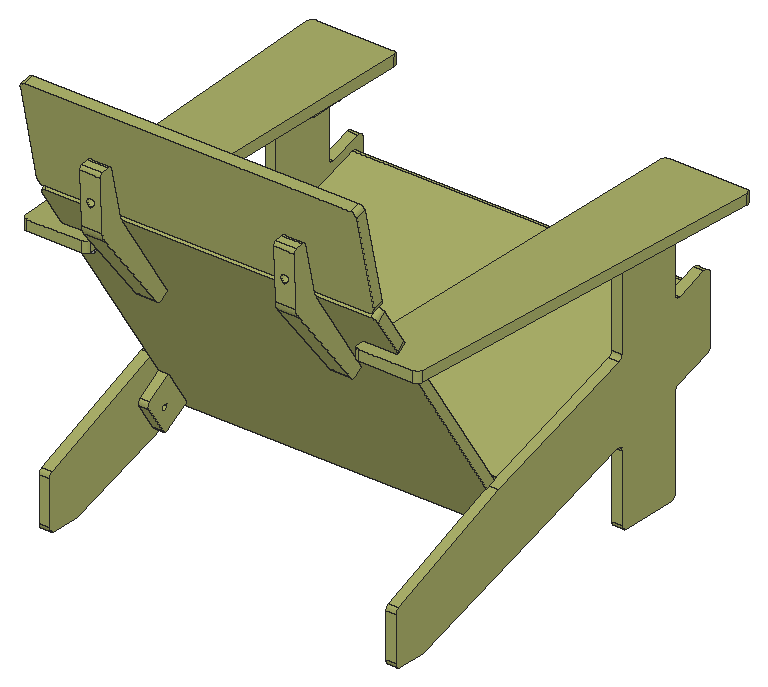
Revit family "Lollygagger Kids Lounge", category Furniture, Revit 2016
Family settings
  OmniClass Number = 23.40.20.00
  OmniClass Title = General Furniture and Specialties
  Work Plane-Based = No
  Always vertical = Yes
  Cut with Voids When Loaded = No
  Shared = No
  Room Calculation Point = No
Parameters (values of type "Loll-Leaf")
  Width = 18 29/32"  # constant formula
  URL = "https://lolldesigns.com/"
  Type Image = kids_lollygagger_lounge_green.jpg
  Thick = 1/2"  # constant formula
  Model = ""
  Manufacturer = "Loll"  # constant formula
  Length = 17 1/4"  # constant formula
  Height Arm = 13 1/8"  # constant formula
  Finish Material = Loll-Leaf
Reference planes (in)
  plane 1 "Center Front/Back": y = 0
  plane 2: z = 0
  plane 3 "Center Left/Right": x = 0
  plane 4: x = 8.625
  plane 5: x = -8.625
  plane 6: y = 14.74047
  plane 7: x = 8.125
  plane 8: x = -8.125
  plane 9: z = 13.125
  plane 10: z = 12.625
  plane 11: y = -4.16578
Forms (in)
  Extrusion 1, solid, material "Loll-Leaf" <- "Finish Material"
    sketch origin (-8.32287, 1.94183, 12.5) x (0, 1, 0) y (1, 0, 0)
      loop
        arc (-5.73316, 1.88537) -> (-5.90993, 1.81215) -> (-5.98316, 1.63537) r 0.25
        line (-5.98316, 1.63537) -> (-5.98316, -1.00512)
        arc (-5.98316, -1.00512) -> (-5.91491, -1.17678) -> (-5.74742, -1.25472) r 0.25
        line (-5.74742, -1.25472) -> (12.53678, -2.29953)
        arc (12.53678, -2.29953) -> (12.7227, -2.23168) -> (12.80104, -2.04993) r 0.25
        line (12.80104, -2.04993) -> (12.80104, 1.63537)
        arc (12.80104, 1.63537) -> (12.72782, 1.81215) -> (12.55104, 1.88537) r 0.25
        line (12.55104, 1.88537) -> (-5.73316, 1.88537)
    from -0.125 to -0.625
  Extrusion 2, solid, material "Loll-Leaf" <- "Finish Material"
    sketch origin (0, -1.82688, 11.59182) x (-1, 0, 0) y (0, -0.544639, 0.838671)
      loop
        arc (-7.875, 4.68359) -> (-8.05178, 4.61037) -> (-8.125, 4.43359) r 0.25
        line (-8.125, 4.43359) -> (-8.125, 2.30948)
        arc (-8.125, 2.30948) -> (-8.08839, 2.2211) -> (-8, 2.18448) r 0.125
        line (-8, 2.18448) -> (-6.6875, 2.18448)
        arc (-6.6875, 2.18448) -> (-6.51072, 2.11126) -> (-6.4375, 1.93448) r 0.25
        line (-6.4375, 1.93448) -> (-6.4375, 1.79645)
        arc (-6.4375, 1.79645) -> (-6.51072, 1.61968) -> (-6.6875, 1.54645) r 0.25
        line (-6.6875, 1.54645) -> (-8, 1.54645)
        arc (-8, 1.54645) -> (-8.08839, 1.50984) -> (-8.125, 1.42145) r 0.125
        line (-8.125, 1.42145) -> (-8.125, -7.81579) -> (-8.375, -7.81579)
        arc (-8.375, -7.81579) -> (-8.46339, -7.8524) -> (-8.5, -7.94079) r 0.125
        line (-8.5, -7.94079) -> (-8.5, -10.69079)
        arc (-8.5, -10.69079) -> (-8.46339, -10.77918) -> (-8.375, -10.81579) r 0.125
        line (-8.375, -10.81579) -> (8.375, -10.81579)
        arc (8.375, -10.81579) -> (8.46339, -10.77918) -> (8.5, -10.69079) r 0.125
        line (8.5, -10.69079) -> (8.5, -7.94079)
        arc (8.5, -7.94079) -> (8.46339, -7.8524) -> (8.375, -7.81579) r 0.125
        line (8.375, -7.81579) -> (8.125, -7.81579) -> (8.125, 1.42145)
        arc (8.125, 1.42145) -> (8.08839, 1.50984) -> (8, 1.54645) r 0.125
        line (8, 1.54645) -> (6.6875, 1.54645)
        arc (6.6875, 1.54645) -> (6.51072, 1.61968) -> (6.4375, 1.79645) r 0.25
        line (6.4375, 1.79645) -> (6.4375, 1.93448)
        arc (6.4375, 1.93448) -> (6.51072, 2.11126) -> (6.6875, 2.18448) r 0.25
        line (6.6875, 2.18448) -> (8, 2.18448)
        arc (8, 2.18448) -> (8.08839, 2.2211) -> (8.125, 2.30948) r 0.125
        line (8.125, 2.30948) -> (8.125, 4.43359)
        arc (8.125, 4.43359) -> (8.05178, 4.61037) -> (7.875, 4.68359) r 0.25
        line (7.875, 4.68359) -> (-7.875, 4.68359)
    from 0 to -0.5
  Extrusion 3, solid, material "Loll-Leaf" <- "Finish Material", not visible
    sketch origin (-23.34194, 1.92668, 22.22123) x (0, 1, 0) y (1, 0, 0)
      loop
        arc (-5.73316, 1.88537) -> (-5.90993, 1.81215) -> (-5.98316, 1.63537) r 0.25
        line (-5.98316, 1.63537) -> (-5.98316, -1.00512)
        arc (-5.98316, -1.00512) -> (-5.91491, -1.17678) -> (-5.74742, -1.25472) r 0.25
        line (-5.74742, -1.25472) -> (12.53678, -2.29953)
        arc (12.53678, -2.29953) -> (12.7227, -2.23168) -> (12.80104, -2.04993) r 0.25
        line (12.80104, -2.04993) -> (12.80104, 1.63537)
        arc (12.80104, 1.63537) -> (12.72782, 1.81215) -> (12.55104, 1.88537) r 0.25
        line (12.55104, 1.88537) -> (-5.73316, 1.88537)
    from -0.125 to -0.625
  Extrusion 4, solid, material "Loll-Leaf" <- "Finish Material"
    sketch origin (8.32287, -1.93943, 12.5) x (0, -1, 0) y (-1, 0, 0)
      loop
        line (1.85429, 1.88537) -> (-16.42991, 1.88537)
        arc (-16.42991, 1.88537) -> (-16.60669, 1.81215) -> (-16.67991, 1.63537) r 0.25
        line (-16.67991, 1.63537) -> (-16.67991, -2.04993)
        arc (-16.67991, -2.04993) -> (-16.60157, -2.23168) -> (-16.41565, -2.29953) r 0.25
        line (-16.41565, -2.29953) -> (1.86855, -1.25472)
        arc (1.86855, -1.25472) -> (2.03604, -1.17678) -> (2.10429, -1.00512) r 0.25
        line (2.10429, -1.00512) -> (2.10429, 1.63537)
        arc (2.10429, 1.63537) -> (2.03106, 1.81215) -> (1.85429, 1.88537) r 0.25
    from -0.125 to -0.625
  Extrusion 5, solid, material "Loll-Leaf" <- "Finish Material"
    sketch origin (0, 8.27038, 6.04854) x (0, 0.951057, 0.309017) y (1, 0, 0)
      loop
        line (-5.49076, 8.125) -> (-5.49076, -8.125) -> (6.46868, -8.125) -> (6.46868, 8.125) -> (-5.49076, 8.125)
    from -0.125 to -0.625
  Extrusion 6, solid, material "Loll-Leaf" <- "Finish Material", not visible
    sketch origin (8, -3.48106, 9.27315) x (0, -1, 0) y (0, 0, 1)
      loop
        line (-12.94653, -1.60932) -> (-12.94653, 3.22685) -> (-16.12153, 3.22685) -> (-16.12153, -0.41524)
        arc (-16.12153, -0.41524) -> (-16.22459, -0.61749) -> (-16.44879, -0.653) r 0.25
        line (-16.44879, -0.653) -> (-17.89428, -0.18333)
        arc (-17.89428, -0.18333) -> (-18.11848, -0.21884) -> (-18.22153, -0.4211) r 0.25
        line (-18.22153, -0.4211) -> (-18.22153, -3.58496)
        arc (-18.22153, -3.58496) -> (-18.17333, -3.73253) -> (-18.04731, -3.8232) r 0.25
        line (-18.04731, -3.8232) -> (-16.29575, -4.38035)
        arc (-16.29575, -4.38035) -> (-16.16973, -4.47101) -> (-16.12153, -4.61858) r 0.25
        line (-16.12153, -4.61858) -> (-16.12153, -9.02315)
        arc (-16.12153, -9.02315) -> (-16.04831, -9.19993) -> (-15.87153, -9.27315) r 0.25
        line (-15.87153, -9.27315) -> (-13.19653, -9.27315)
        arc (-13.19653, -9.27315) -> (-13.01975, -9.19993) -> (-12.94653, -9.02315) r 0.25
        line (-12.94653, -9.02315) -> (-12.94653, -5.78755)
        arc (-12.94653, -5.78755) -> (-12.8441, -5.58575) -> (-12.62075, -5.54931) r 0.25
        line (-12.62075, -5.54931) -> (-0.91371, -9.27315) -> (0.44996, -9.27315)
        arc (0.44996, -9.27315) -> (0.62673, -9.19993) -> (0.69996, -9.02315) r 0.25
        line (0.69996, -9.02315) -> (0.69996, -6.88355)
        arc (0.69996, -6.88355) -> (0.65721, -6.74375) -> (0.54361, -6.65175) r 0.25
        line (0.54361, -6.65175) -> (-5.49368, -4.21253) -> (-12.77379, -1.84708)
        arc (-12.77379, -1.84708) -> (-12.89879, -1.75626) -> (-12.94653, -1.60932) r 0.25
    from -0.125 to -0.625
  Extrusion 7, solid, material "Loll-Leaf" <- "Finish Material"
    sketch origin (8, -3.48106, 9.27315) x (0, -1, 0) y (0, 0, 1)
      loop
        line (-12.94653, -1.60932) -> (-12.94653, 3.22685) -> (-16.12153, 3.22685) -> (-16.12153, -0.41524)
        arc (-16.12153, -0.41524) -> (-16.22459, -0.61749) -> (-16.44879, -0.653) r 0.25
        line (-16.44879, -0.653) -> (-17.89428, -0.18333)
        arc (-17.89428, -0.18333) -> (-18.11848, -0.21884) -> (-18.22153, -0.4211) r 0.25
        line (-18.22153, -0.4211) -> (-18.22153, -3.58496)
        arc (-18.22153, -3.58496) -> (-18.17333, -3.73253) -> (-18.04731, -3.8232) r 0.25
        line (-18.04731, -3.8232) -> (-16.29575, -4.38035)
        arc (-16.29575, -4.38035) -> (-16.16973, -4.47101) -> (-16.12153, -4.61858) r 0.25
        line (-16.12153, -4.61858) -> (-16.12153, -9.02315)
        arc (-16.12153, -9.02315) -> (-16.04831, -9.19993) -> (-15.87153, -9.27315) r 0.25
        line (-15.87153, -9.27315) -> (-13.19653, -9.27315)
        arc (-13.19653, -9.27315) -> (-13.01975, -9.19993) -> (-12.94653, -9.02315) r 0.25
        line (-12.94653, -9.02315) -> (-12.94653, -5.78755)
        arc (-12.94653, -5.78755) -> (-12.8441, -5.58575) -> (-12.62075, -5.54931) r 0.25
        line (-12.62075, -5.54931) -> (-0.91371, -9.27315) -> (0.44996, -9.27315)
        arc (0.44996, -9.27315) -> (0.62673, -9.19993) -> (0.69996, -9.02315) r 0.25
        line (0.69996, -9.02315) -> (0.69996, -6.88355)
        arc (0.69996, -6.88355) -> (0.65721, -6.74375) -> (0.54361, -6.65175) r 0.25
        line (0.54361, -6.65175) -> (-5.49368, -4.21253) -> (-12.77379, -1.84708)
        arc (-12.77379, -1.84708) -> (-12.89879, -1.75626) -> (-12.94653, -1.60932) r 0.25
    from -0.125 to -0.625
  Extrusion 8, solid, material "Loll-Leaf" <- "Finish Material"
    sketch origin (0, -5.35315, 16.94399) x (0, -0.224951, 0.97437) y (-1, 0, 0)
      loop
        line (3.5, -7.875) -> (3.5, 7.875)
        arc (3.5, 7.875) -> (3.42678, 8.05178) -> (3.25, 8.125) r 0.25
        line (3.25, 8.125) -> (-1.25, 8.125)
        arc (-1.25, 8.125) -> (-1.42678, 8.05178) -> (-1.5, 7.875) r 0.25
        line (-1.5, 7.875) -> (-1.5, -7.875)
        arc (-1.5, -7.875) -> (-1.42678, -8.05178) -> (-1.25, -8.125) r 0.25
        line (-1.25, -8.125) -> (3.25, -8.125)
        arc (3.25, -8.125) -> (3.42678, -8.05178) -> (3.5, -7.875) r 0.25
    from -0.125 to -0.625
  Extrusion 9, solid, material "Loll-Leaf" <- "Finish Material"
    sketch origin (0, 12.26547, 6.32534) x (-1, 0, 0) y (0, 0, 1)
      loop
        line (-8.125, -2.24364) -> (8.125, -2.24364) -> (8.125, 1.25636) -> (-8.125, 1.25636) -> (-8.125, -2.24364)
    from 0 to -0.5
  Extrusion 10, solid, material "Loll-Leaf" <- "Finish Material", not visible
    sketch origin (8.125, -8.24936, 3.48934) x (0, -1, 0) y (0, 0, 1)
      loop
        line (-10.60101, 0.75052) -> (-11.69029, -0.92682) -> (-10.58953, -1.64166)
        arc (-10.58953, -1.64166) -> (-10.40139, -1.67653) -> (-10.2437, -1.56815) r 0.25
        line (-10.2437, -1.56815) -> (-9.42675, -0.31015)
        arc (-9.42675, -0.31015) -> (-9.39188, -0.12201) -> (-9.50025, 0.03568) r 0.25
        line (-9.50025, 0.03568) -> (-10.60101, 0.75052)
      loop
        circle (-10.35899, -0.59897) r 0.15467
    from 0 to 0.5
  Extrusion 11, solid, material "Loll-Leaf" <- "Finish Material", not visible
    sketch origin (-18.1875, -12.38505, 24.77911) x (0, 0.224951, -0.97437) y (0, -0.97437, -0.224951)
      loop
        line (-5.4475, 0.33309) -> (-3.03866, 0.33309)
        arc (-3.03866, 0.33309) -> (-2.98008, 0.32797) -> (-2.92327, 0.31275) r 0.33738
        line (-2.92327, 0.31275) -> (1.89181, -1.4398)
        arc (1.89181, -1.4398) -> (1.95632, -1.43698) -> (1.99995, -1.38938) r 0.08437
        line (1.99995, -1.38938) -> (2.12633, -1.04215)
        arc (2.12633, -1.04215) -> (2.12392, -0.91909) -> (2.03942, -0.8296) r 0.1708
        line (2.03942, -0.8296) -> (-2.57622, 1.37397)
        arc (-2.57622, 1.37397) -> (-2.78313, 1.43468) -> (-2.99863, 1.42722) r 0.67669
        line (-2.99863, 1.42722) -> (-5.39721, 0.9544)
        arc (-5.39721, 0.9544) -> (-5.49587, 0.89544) -> (-5.53464, 0.78724) r 0.17038
        line (-5.53464, 0.78724) -> (-5.53464, 0.42024)
        arc (-5.53464, 0.42024) -> (-5.50912, 0.35862) -> (-5.4475, 0.33309) r 0.08714
    from 0 to -1
  Extrusion 12, void, not visible
    sketch origin (-18.00781, -14.15821, 26.69082) x (0, -0.222374, 0.974961) y (-1, 0, 0)
      loop
        circle (1.90087, -0.32064) r 0.19231
    from -1.3884 to 0
  Extrusion 13, solid, material "Loll-Leaf" <- "Finish Material"
    sketch origin (-5.1875, -3.88203, 12.54228) x (0, 0.224951, -0.97437) y (0, -0.97437, -0.224951)
      loop
        line (-5.4475, 0.33309) -> (-3.03866, 0.33309)
        arc (-3.03866, 0.33309) -> (-2.98008, 0.32797) -> (-2.92327, 0.31275) r 0.33738
        line (-2.92327, 0.31275) -> (1.89181, -1.4398)
        arc (1.89181, -1.4398) -> (1.95632, -1.43698) -> (1.99995, -1.38938) r 0.08437
        line (1.99995, -1.38938) -> (2.12633, -1.04215)
        arc (2.12633, -1.04215) -> (2.12392, -0.91909) -> (2.03942, -0.8296) r 0.1708
        line (2.03942, -0.8296) -> (-2.57622, 1.37397)
        arc (-2.57622, 1.37397) -> (-2.78313, 1.43468) -> (-2.99863, 1.42722) r 0.67669
        line (-2.99863, 1.42722) -> (-5.39721, 0.9544)
        arc (-5.39721, 0.9544) -> (-5.49587, 0.89544) -> (-5.53464, 0.78724) r 0.17038
        line (-5.53464, 0.78724) -> (-5.53464, 0.42024)
        arc (-5.53464, 0.42024) -> (-5.50912, 0.35862) -> (-5.4475, 0.33309) r 0.08714
    from 0 to -1
  Extrusion 14, void
    sketch origin (-5.00781, -5.65519, 14.454) x (0, -0.222374, 0.974961) y (-1, 0, 0)
      loop
        circle (1.90087, -0.32064) r 0.19231
    from -1.3884 to 0
  Extrusion 15, solid, material "Loll-Leaf" <- "Finish Material"
    sketch origin (4.1875, -3.88203, 12.54228) x (0, 0.224951, -0.97437) y (0, -0.97437, -0.224951)
      loop
        line (-5.4475, 0.33309) -> (-3.03866, 0.33309)
        arc (-3.03866, 0.33309) -> (-2.98008, 0.32797) -> (-2.92327, 0.31275) r 0.33738
        line (-2.92327, 0.31275) -> (1.89181, -1.4398)
        arc (1.89181, -1.4398) -> (1.95632, -1.43698) -> (1.99995, -1.38938) r 0.08437
        line (1.99995, -1.38938) -> (2.12633, -1.04215)
        arc (2.12633, -1.04215) -> (2.12392, -0.91909) -> (2.03942, -0.8296) r 0.1708
        line (2.03942, -0.8296) -> (-2.57622, 1.37397)
        arc (-2.57622, 1.37397) -> (-2.78313, 1.43468) -> (-2.99863, 1.42722) r 0.67669
        line (-2.99863, 1.42722) -> (-5.39721, 0.9544)
        arc (-5.39721, 0.9544) -> (-5.49587, 0.89544) -> (-5.53464, 0.78724) r 0.17038
        line (-5.53464, 0.78724) -> (-5.53464, 0.42024)
        arc (-5.53464, 0.42024) -> (-5.50912, 0.35862) -> (-5.4475, 0.33309) r 0.08714
    from 0 to -1
  Extrusion 16, void
    sketch origin (4.36719, -5.65519, 14.454) x (0, -0.222374, 0.974961) y (-1, 0, 0)
      loop
        circle (1.90087, -0.32064) r 0.19231
    from -1.3884 to 0
  Extrusion 17, solid, material "Loll-Leaf" <- "Finish Material", not visible
    sketch origin (7.5, -9.78267, 6.14274) x (0, -1, 0) y (0, 0, 1)
      loop
        circle (-20.31677, -0.51975) r 0.15496
      loop
        line (-21.54815, 0.47875) -> (-21.54815, -1.52125) -> (-19.78184, -1.52125)
        arc (-19.78184, -1.52125) -> (-19.62726, -1.47102) -> (-19.53172, -1.33953) r 0.26299
        line (-19.53172, -1.33953) -> (-18.9859, 0.34033) -> (-20.88802, 0.95837) -> (-20.98621, 0.65615)
        arc (-20.98621, 0.65615) -> (-21.07948, 0.52778) -> (-21.23038, 0.47875) r 0.25673
        line (-21.23038, 0.47875) -> (-21.54815, 0.47875)
    from -0.125 to -0.625
  Extrusion 18, solid, material "Loll-Leaf" <- "Finish Material", not visible
    sketch origin (8.125, -9.25555, 3.11596) x (0, -0.994522, 0.104528) y (0, 0.104528, 0.994522)
      loop
        line (-12.98373, 3.0422) -> (-14.81082, 3.85568) -> (-15.34466, 2.65665)
        arc (-15.34466, 2.65665) -> (-15.34967, 2.46537) -> (-15.21796, 2.32658) r 0.25
        line (-15.21796, 2.32658) -> (-13.84764, 1.71647)
        arc (-13.84764, 1.71647) -> (-13.65636, 1.71146) -> (-13.51757, 1.84318) r 0.25
        line (-13.51757, 1.84318) -> (-12.98373, 3.0422)
      loop
        circle (-14.27824, 2.59243) r 0.15469
    from 0 to 0.5
  Extrusion 19, solid, material "Loll-Leaf" <- "Finish Material"
    sketch origin (-8.75, -3.48106, 9.27315) x (0, -1, 0) y (0, 0, 1)
      loop
        line (-12.94653, -1.60932) -> (-12.94653, 3.22685) -> (-16.12153, 3.22685) -> (-16.12153, -0.41524)
        arc (-16.12153, -0.41524) -> (-16.22459, -0.61749) -> (-16.44879, -0.653) r 0.25
        line (-16.44879, -0.653) -> (-17.89428, -0.18333)
        arc (-17.89428, -0.18333) -> (-18.11848, -0.21884) -> (-18.22153, -0.4211) r 0.25
        line (-18.22153, -0.4211) -> (-18.22153, -3.58496)
        arc (-18.22153, -3.58496) -> (-18.17333, -3.73253) -> (-18.04731, -3.8232) r 0.25
        line (-18.04731, -3.8232) -> (-16.29575, -4.38035)
        arc (-16.29575, -4.38035) -> (-16.16973, -4.47101) -> (-16.12153, -4.61858) r 0.25
        line (-16.12153, -4.61858) -> (-16.12153, -9.02315)
        arc (-16.12153, -9.02315) -> (-16.04831, -9.19993) -> (-15.87153, -9.27315) r 0.25
        line (-15.87153, -9.27315) -> (-13.19653, -9.27315)
        arc (-13.19653, -9.27315) -> (-13.01975, -9.19993) -> (-12.94653, -9.02315) r 0.25
        line (-12.94653, -9.02315) -> (-12.94653, -5.78755)
        arc (-12.94653, -5.78755) -> (-12.8441, -5.58575) -> (-12.62075, -5.54931) r 0.25
        line (-12.62075, -5.54931) -> (-0.91371, -9.27315) -> (0.44996, -9.27315)
        arc (0.44996, -9.27315) -> (0.62673, -9.19993) -> (0.69996, -9.02315) r 0.25
        line (0.69996, -9.02315) -> (0.69996, -6.88355)
        arc (0.69996, -6.88355) -> (0.65721, -6.74375) -> (0.54361, -6.65175) r 0.25
        line (0.54361, -6.65175) -> (-5.49368, -4.21253) -> (-12.77379, -1.84708)
        arc (-12.77379, -1.84708) -> (-12.89879, -1.75626) -> (-12.94653, -1.60932) r 0.25
    from -0.125 to -0.625
  Extrusion 20, solid, material "Loll-Leaf" <- "Finish Material"
    sketch origin (8.125, -8.24936, 3.48934) x (0, -1, 0) y (0, 0, 1)
      loop
        line (-10.60101, 0.75052) -> (-11.69029, -0.92682) -> (-10.58953, -1.64166)
        arc (-10.58953, -1.64166) -> (-10.40139, -1.67653) -> (-10.2437, -1.56815) r 0.25
        line (-10.2437, -1.56815) -> (-9.42675, -0.31015)
        arc (-9.42675, -0.31015) -> (-9.39188, -0.12201) -> (-9.50025, 0.03568) r 0.25
        line (-9.50025, 0.03568) -> (-10.60101, 0.75052)
      loop
        circle (-10.35899, -0.59897) r 0.15467
    from 0 to 0.5
  Extrusion 21, solid, material "Loll-Leaf" <- "Finish Material"
    sketch origin (7.5, -9.78267, 6.14274) x (0, -1, 0) y (0, 0, 1)
      loop
        circle (-20.31677, -0.51975) r 0.15496
      loop
        line (-21.54815, 0.47875) -> (-21.54815, -1.52125) -> (-19.78184, -1.52125)
        arc (-19.78184, -1.52125) -> (-19.62726, -1.47102) -> (-19.53172, -1.33953) r 0.26299
        line (-19.53172, -1.33953) -> (-18.9859, 0.34033) -> (-20.88802, 0.95837) -> (-20.98621, 0.65615)
        arc (-20.98621, 0.65615) -> (-21.07948, 0.52778) -> (-21.23038, 0.47875) r 0.25673
        line (-21.23038, 0.47875) -> (-21.54815, 0.47875)
    from -0.125 to -0.625
  Extrusion 22, solid, material "Loll-Leaf" <- "Finish Material"
    sketch origin (8.125, -9.25555, 3.11596) x (0, -0.994522, 0.104528) y (0, 0.104528, 0.994522)
      loop
        line (-12.98373, 3.0422) -> (-14.81082, 3.85568) -> (-15.34466, 2.65665)
        arc (-15.34466, 2.65665) -> (-15.34967, 2.46537) -> (-15.21796, 2.32658) r 0.25
        line (-15.21796, 2.32658) -> (-13.84764, 1.71647)
        arc (-13.84764, 1.71647) -> (-13.65636, 1.71146) -> (-13.51757, 1.84318) r 0.25
        line (-13.51757, 1.84318) -> (-12.98373, 3.0422)
      loop
        circle (-14.27824, 2.59243) r 0.15469
    from 0 to 0.5
  Extrusion 23, void
    sketch origin (8.125, -3.48106, 9.27315) x (0, -1, 0) y (0, 0, 1)
      loop
        line (-17.86489, -1.1068) -> (-17.6745, -1.16865)
        arc (-17.6745, -1.16865) -> (-17.79101, -1.06915) -> (-17.80303, -0.91641) r 0.20018
        line (-17.80303, -0.91641) -> (-17.86489, -1.1068)
      loop
        arc (-17.77247, -0.82238) -> (-17.67259, -0.70543) -> (-17.51927, -0.69336) r 0.20094
        line (-17.51927, -0.69336) -> (-17.71038, -0.63127) -> (-17.77247, -0.82238)
    from 0 to 16.25
  Extrusion 24, solid, material "Aluminum"
    sketch origin (0, -2.24622, 11.3195) x (1, 0, 0) y (0, -0.544639, 0.838671)
      loop
        line (6.7875, 1.69132) -> (6.7875, 1.4499)
        arc (6.7875, 1.4499) -> (6.79046, 1.42071) -> (6.79921, 1.3927) r 0.14563
        line (6.79921, 1.3927) -> (6.99901, 0.92494)
        arc (6.99901, 0.92494) -> (7.2875, 0.73447) -> (7.57599, 0.92494) r 0.31371
        line (7.57599, 0.92494) -> (7.77419, 1.38894)
        arc (7.77419, 1.38894) -> (7.78414, 1.42079) -> (7.7875, 1.45399) r 0.16558
        line (7.7875, 1.45399) -> (7.7875, 1.69132) -> (6.7875, 1.69132)
      loop
        circle (7.2875, 1.04817) r 0.14546
    from 0 to 0.125
  Extrusion 25, solid, material "Loll-Leaf" <- "Finish Material"
    sketch origin (-8.125, 8.24936, 3.48934) x (0, 1, 0) y (0, 0, 1)
      loop
        line (-5.89771, 0.75052) -> (-6.99846, 0.03568)
        arc (-6.99846, 0.03568) -> (-7.10684, -0.12201) -> (-7.07197, -0.31015) r 0.25
        line (-7.07197, -0.31015) -> (-6.25501, -1.56815)
        arc (-6.25501, -1.56815) -> (-6.09732, -1.67653) -> (-5.90918, -1.64166) r 0.25
        line (-5.90918, -1.64166) -> (-4.80843, -0.92682) -> (-5.89771, 0.75052)
      loop
        circle (-6.13972, -0.59897) r 0.15467
    from 0 to 0.5
  Extrusion 26, solid, material "Loll-Leaf" <- "Finish Material"
    sketch origin (-7.5, 9.78267, 6.14274) x (0, 1, 0) y (0, 0, 1)
      loop
        circle (0.75142, -0.51975) r 0.15496
      loop
        line (1.9828, 0.47875) -> (1.66503, 0.47875)
        arc (1.66503, 0.47875) -> (1.51413, 0.52778) -> (1.42086, 0.65615) r 0.25673
        line (1.42086, 0.65615) -> (1.32267, 0.95837) -> (-0.57945, 0.34033) -> (-0.03363, -1.33953)
        arc (-0.03363, -1.33953) -> (0.06191, -1.47102) -> (0.21649, -1.52125) r 0.26299
        line (0.21649, -1.52125) -> (1.9828, -1.52125) -> (1.9828, 0.47875)
    from -0.125 to -0.625
  Extrusion 27, solid, material "Loll-Leaf" <- "Finish Material"
    sketch origin (-8.125, 9.25555, 3.11596) x (0, 0.994522, 0.104528) y (0, -0.104528, 0.994522)
      loop
        line (-5.07718, 2.21119) -> (-4.8043, 0.92737)
        arc (-4.8043, 0.92737) -> (-4.69592, 0.76968) -> (-4.50779, 0.73482) r 0.25
        line (-4.50779, 0.73482) -> (-3.04056, 1.04668)
        arc (-3.04056, 1.04668) -> (-2.88287, 1.15506) -> (-2.848, 1.3432) r 0.25
        line (-2.848, 1.3432) -> (-3.12089, 2.62702) -> (-5.07718, 2.21119)
      loop
        circle (-3.90447, 1.5021) r 0.15469
    from 0 to 0.5
  Extrusion 28, solid, material "Aluminum", not visible
    sketch origin (0, -2.24622, 11.3195) x (1, 0, 0) y (0, -0.544639, 0.838671)
      loop
        line (-21.85, 1.69132) -> (-22.85, 1.69132) -> (-22.85, 1.45399)
        arc (-22.85, 1.45399) -> (-22.84664, 1.42079) -> (-22.83669, 1.38894) r 0.16558
        line (-22.83669, 1.38894) -> (-22.63849, 0.92494)
        arc (-22.63849, 0.92494) -> (-22.35, 0.73447) -> (-22.06151, 0.92494) r 0.31371
        line (-22.06151, 0.92494) -> (-21.86171, 1.3927)
        arc (-21.86171, 1.3927) -> (-21.85296, 1.42071) -> (-21.85, 1.4499) r 0.14563
        line (-21.85, 1.4499) -> (-21.85, 1.69132)
      loop
        circle (-22.35, 1.04817) r 0.14546
    from 0 to 0.125
  Extrusion 29, solid, material "Aluminum"
    sketch origin (0, -2.24622, 11.3195) x (-1, 0, 0) y (0, 0.544639, -0.838671)
      loop
        line (6.7875, -1.69132) -> (7.7875, -1.69132) -> (7.7875, -1.45399)
        arc (7.7875, -1.45399) -> (7.78414, -1.42079) -> (7.77419, -1.38894) r 0.16558
        line (7.77419, -1.38894) -> (7.57599, -0.92494)
        arc (7.57599, -0.92494) -> (7.2875, -0.73447) -> (6.99901, -0.92494) r 0.31371
        line (6.99901, -0.92494) -> (6.79921, -1.3927)
        arc (6.79921, -1.3927) -> (6.79046, -1.42071) -> (6.7875, -1.4499) r 0.14563
        line (6.7875, -1.4499) -> (6.7875, -1.69132)
      loop
        circle (7.2875, -1.04817) r 0.14546
    from 0 to 0.125
  Extrusion 30, solid, material "Loll-Leaf" <- "Finish Material"
    sketch origin (8.32287, -1.93943, 12.625) x (1, 0, 0) y (0, -1, 0)
      loop
        line (-0.19787, -12.00764) -> (-1.13537, -12.00764)
        arc (-1.13537, -12.00764) -> (-1.31215, -12.08087) -> (-1.38537, -12.25764) r 0.25
        line (-1.38537, -12.25764) -> (-1.38537, -13.75764)
        arc (-1.38537, -13.75764) -> (-1.31215, -13.93442) -> (-1.13537, -14.00764) r 0.25
        line (-1.13537, -14.00764) -> (-0.19787, -14.00764) -> (-0.19787, -12.00764)
      loop
        circle (-0.75902, -13.00864) r 0.15431
    from 0 to 0.5
  Extrusion 31, solid, material "Loll-Leaf" <- "Finish Material"
    sketch origin (-8.32287, -1.93943, 12.625) x (1, 0, 0) y (0, -1, 0)
      loop
        line (0.19787, -12.00764) -> (0.19787, -14.00764) -> (1.13537, -14.00764)
        arc (1.13537, -14.00764) -> (1.31215, -13.93442) -> (1.38537, -13.75764) r 0.25
        line (1.38537, -13.75764) -> (1.38537, -12.25764)
        arc (1.38537, -12.25764) -> (1.31215, -12.08087) -> (1.13537, -12.00764) r 0.25
        line (1.13537, -12.00764) -> (0.19787, -12.00764)
      loop
        circle (0.75902, -13.00864) r 0.15431
    from 0 to 0.5
Cuts and joins
  Extrusion 14, Extrusion 16 cuts Extrusion 8
  Extrusion 14, Extrusion 16 cuts Extrusion 13
  Extrusion 16 cuts Extrusion 15
  Extrusion 23 cuts Extrusion 5
Lines and regions (in)
  Masking region 1
    outline origin (0, 0, 0) x (1, 0, 0) y (0, 1, 0)
      loop
        arc (-10.37163, 14.74287) -> (-10.55654, 14.66172) -> (-10.62199, 14.47069) r 0.25123
        line (-10.62199, 14.47069) -> (-9.57749, -3.79276)
        arc (-9.57749, -3.79276) -> (-9.49955, -3.96024) -> (-9.3279, -4.02849) r 0.25
        line (-9.3279, -4.02849) -> (-8.625, -4.02849) -> (-8.625, -4.16578) -> (-8.125, -4.16578) -> (-8.125, -5.96244)
        spline (-8.125, -5.96244) -> (-8.12286, -5.96978) -> (-8.11648, -5.977) -> (-8.10597, -5.98397) -> (-8.09151, -5.99056) -> (-8.07334, -5.99668) -> (-8.05178, -6.00221) -> (-8.02719, -6.00706) -> (-8, -6.01115) -> (-7.97067, -6.0144) -> (-7.9397, -6.01677) -> (-7.90763, -6.0182) -> (-7.875, -6.01868)
        line (-7.875, -6.01868) -> (7.875, -6.01868)
        spline (7.875, -6.01868) -> (7.90763, -6.0182) -> (7.9397, -6.01677) -> (7.97067, -6.0144) -> (8, -6.01115) -> (8.02719, -6.00706) -> (8.05178, -6.00221) -> (8.07334, -5.99668) -> (8.09151, -5.99056) -> (8.10597, -5.98397) -> (8.11648, -5.977) -> (8.12286, -5.96978) -> (8.125, -5.96244)
        line (8.125, -5.96244) -> (8.125, -4.16578) -> (8.625, -4.16578) -> (8.625, -4.02849) -> (9.32887, -4.02849)
        arc (9.32887, -4.02849) -> (9.50052, -3.96024) -> (9.57846, -3.79276) r 0.25
        line (9.57846, -3.79276) -> (10.62327, 14.4762)
        arc (10.62327, 14.4762) -> (10.55543, 14.66213) -> (10.37368, 14.74047) r 0.25
        line (10.37368, 14.74047) -> (6.6875, 14.74047)
        arc (6.6875, 14.74047) -> (6.56818, 14.71016) -> (6.4778, 14.62658) r 0.25
        line (6.4778, 14.62658) -> (-6.47494, 14.62658)
        arc (-6.47494, 14.62658) -> (-6.56636, 14.7119) -> (-6.6875, 14.74287) r 0.2524
        line (-6.6875, 14.74287) -> (-10.37163, 14.74287)
  Masking region 2
    outline origin (0, -0.21698, 0) x (0, 1, 0) y (0, 0, 1)
      loop
        line (-4.18976, 15.62655) -> (-5.31452, 20.4984) -> (-5.8017, 20.38593) -> (-5.21939, 17.86365) -> (-5.65875, 17.76222)
        arc (-5.65875, 17.76222) -> (-5.75769, 17.69868) -> (-5.79375, 17.58676) r 0.1743
        line (-5.79375, 17.58676) -> (-5.73042, 15.14875)
        arc (-5.73042, 15.14875) -> (-5.6874, 14.93194) -> (-5.57975, 14.7389) r 0.70947
        line (-5.57975, 14.7389) -> (-2.28612, 10.60128) -> (-1.78593, 10.94484) -> (2.07571, 4.99844) -> (-3.79407, 2.6269)
        arc (-3.79407, 2.6269) -> (-3.9174, 2.53055) -> (-3.96403, 2.38114) r 0.26265
        line (-3.96403, 2.38114) -> (-3.96403, 0.25)
        arc (-3.96403, 0.25) -> (-3.89081, 0.07322) -> (-3.71403, 0) r 0.25
        line (-3.71403, 0) -> (-2.35037, 0) -> (9.35667, 3.72384)
        arc (9.35667, 3.72384) -> (9.58002, 3.6874) -> (9.68245, 3.4856) r 0.25
        line (9.68245, 3.4856) -> (9.68245, 0.25)
        arc (9.68245, 0.25) -> (9.75568, 0.07322) -> (9.93245, 0) r 0.25
        line (9.93245, 0) -> (12.60745, 0)
        arc (12.60745, 0) -> (12.78423, 0.07322) -> (12.85745, 0.25) r 0.25
        line (12.85745, 0.25) -> (12.85745, 4.65456)
        arc (12.85745, 4.65456) -> (12.90565, 4.80214) -> (13.03167, 4.8928) r 0.25
        line (13.03167, 4.8928) -> (14.78323, 5.44995)
        arc (14.78323, 5.44995) -> (14.90925, 5.54061) -> (14.95745, 5.68819) r 0.25
        line (14.95745, 5.68819) -> (14.95745, 8.85205)
        arc (14.95745, 8.85205) -> (14.8544, 9.05431) -> (14.6302, 9.08982) r 0.25
        line (14.6302, 9.08982) -> (13.18471, 8.62015)
        arc (13.18471, 8.62015) -> (12.96051, 8.65566) -> (12.85745, 8.85791) r 0.25
        line (12.85745, 8.85791) -> (12.85745, 12.625) -> (14.95745, 12.625) -> (14.95745, 13.125) -> (-2.60556, 13.125) -> (-4.14553, 15.49635) -> (-4.56487, 15.22403) -> (-4.64454, 15.34671) -> (-4.67493, 15.51454) -> (-4.18976, 15.62655)
      loop
        line (-2.28086, 12.625) -> (2.56148, 5.16845) -> (9.50971, 7.42607)
        arc (9.50971, 7.42607) -> (9.63471, 7.51689) -> (9.68245, 7.66383) r 0.25
        line (9.68245, 7.66383) -> (9.68245, 12.625) -> (-2.28086, 12.625)
  Masking region 3
    outline origin (0, 0, 0) x (1, 0, 0) y (0, 0, 1)
      loop
        line (10.79781, 13.125) -> (8.12047, 13.125) -> (8.12047, 15.31318)
        spline (8.12047, 15.31318) -> (8.11899, 15.33598) -> (8.11455, 15.35851) -> (8.10723, 15.38051) -> (8.0971, 15.4017) -> (8.08427, 15.42184) -> (8.06892, 15.4407) -> (8.05121, 15.45804) -> (8.03135, 15.47367) -> (8.00959, 15.48739) -> (7.98617, 15.49904) -> (7.96139, 15.50849) -> (7.93552, 15.51563)
        spline (7.93552, 15.51563) -> (7.96191, 15.52357) -> (7.98723, 15.53431) -> (8.01119, 15.5477) -> (8.03348, 15.56358) -> (8.05384, 15.58176) -> (8.07202, 15.60202) -> (8.08779, 15.62411) -> (8.10096, 15.64776) -> (8.11138, 15.67268) -> (8.11892, 15.69857) -> (8.12347, 15.7251) -> (8.125, 15.75197)
        line (8.125, 15.75197) -> (8.125, 20.25129)
        spline (8.125, 20.25129) -> (8.12286, 20.28309) -> (8.11648, 20.31434) -> (8.10597, 20.34451) -> (8.09151, 20.37309) -> (8.07334, 20.39958) -> (8.05178, 20.42354) -> (8.02719, 20.44455) -> (8, 20.46225) -> (7.97067, 20.47634) -> (7.9397, 20.48658) -> (7.90763, 20.4928) -> (7.875, 20.49488)
        line (7.875, 20.49488) -> (-7.875, 20.49488)
        spline (-7.875, 20.49488) -> (-7.90763, 20.4928) -> (-7.9397, 20.48658) -> (-7.97067, 20.47634) -> (-8, 20.46225) -> (-8.02719, 20.44455) -> (-8.05178, 20.42354) -> (-8.07334, 20.39958) -> (-8.09151, 20.37309) -> (-8.10597, 20.34451) -> (-8.11648, 20.31434) -> (-8.12286, 20.28309) -> (-8.125, 20.25129)
        line (-8.125, 20.25129) -> (-8.125, 15.75197)
        spline (-8.125, 15.75197) -> (-8.12346, 15.72496) -> (-8.11885, 15.69828) -> (-8.11124, 15.67227) -> (-8.10071, 15.64723) -> (-8.0874, 15.62349) -> (-8.07147, 15.60134) -> (-8.05311, 15.58104) -> (-8.03256, 15.56285) -> (-8.01007, 15.54699) -> (-7.98591, 15.53366) -> (-7.96038, 15.52303) -> (-7.9338, 15.51521)
        spline (-7.9338, 15.51521) -> (-7.96116, 15.50897) -> (-7.9875, 15.50017) -> (-8.01249, 15.48892) -> (-8.03579, 15.47537) -> (-8.05712, 15.4597) -> (-8.07619, 15.4421) -> (-8.09277, 15.4228) -> (-8.10663, 15.40205) -> (-8.1176, 15.38012) -> (-8.12554, 15.35729) -> (-8.13034, 15.33385) -> (-8.13195, 15.3101)
        line (-8.13195, 15.3101) -> (-8.13195, 13.125) -> (-10.79781, 13.125) -> (-10.79781, 12.625) -> (-8.625, 12.625) -> (-8.625, 0) -> (-8.125, 0) -> (-8.125, 1.80709) -> (-7.625, 1.80709) -> (-7.625, 2.24861) -> (7.625, 2.24861) -> (7.625, 1.80709) -> (8.125, 1.80709) -> (8.125, 0) -> (8.625, 0) -> (8.625, 12.625) -> (10.79781, 12.625) -> (10.79781, 13.125)
  symbolic lines
    curve 1: line (8.125, 0, 13.125) -> (6.4375, 0, 13.125)
    curve 2: line (6.4375, 0, 13.125) -> (6.4375, 0, 12.625)
    curve 3: line (9.508, 0, 12.625) -> (6.4375, 0, 12.625)
    curve 4: spline (8, 0, 13.3902) -> (8.01632, 0, 13.3911) -> (8.03235, 0, 13.39377) -> (8.04784, 0, 13.39818) -> (8.0625, 0, 13.40425) -> (8.0761, 0, 13.41186) -> (8.08839, 0, 13.42091) -> (8.09917, 0, 13.43122) -> (8.10825, 0, 13.44262) -> (8.11548, 0, 13.45492) -> (8.12074, 0, 13.4679) -> (8.12393, 0, 13.48135) -> (8.125, 0, 13.49503)
    curve 5: line (6.6875, 0, 13.3902) -> (8, 0, 13.3902)
    curve 6: spline (6.4375, 0, 13.18053) -> (6.43964, 0, 13.2079) -> (6.44602, 0, 13.2348) -> (6.45653, 0, 13.26077) -> (6.47099, 0, 13.28537) -> (6.48916, 0, 13.30817) -> (6.51072, 0, 13.32879) -> (6.53531, 0, 13.34687) -> (6.5625, 0, 13.36211) -> (6.59183, 0, 13.37424) -> (6.6228, 0, 13.38306) -> (6.65487, 0, 13.38841) -> (6.6875, 0, 13.3902)
    curve 7: line (6.4375, 0, 12.88213) -> (6.4375, 0, 13.18053)
    curve 8: line (8.125, 0, 12.125) -> (6.9375, 0, 12.125)
    curve 9: line (6.9375, 0, 12.125) -> (6.9375, 0, 12.625)
    curve 10: line (8.625, 0, 11.5686) -> (8.125, 0, 11.5686)
    curve 11: line (8.125, 0, 0.25498) -> (8.125, 0, 12.125)
    curve 12: spline (-8, 0, 13.3902) -> (-8.01632, 0, 13.3911) -> (-8.03235, 0, 13.39377) -> (-8.04784, 0, 13.39818) -> (-8.0625, 0, 13.40425) -> (-8.0761, 0, 13.41186) -> (-8.08839, 0, 13.42091) -> (-8.09917, 0, 13.43122) -> (-8.10825, 0, 13.44262) -> (-8.11548, 0, 13.45492) -> (-8.12074, 0, 13.4679) -> (-8.12393, 0, 13.48135) -> (-8.125, 0, 13.49503)
    curve 13: line (-6.6875, 0, 13.3902) -> (-8, 0, 13.3902)
    curve 14: spline (-6.4375, 0, 13.18053) -> (-6.43964, 0, 13.2079) -> (-6.44602, 0, 13.2348) -> (-6.45653, 0, 13.26077) -> (-6.47099, 0, 13.28537) -> (-6.48916, 0, 13.30817) -> (-6.51072, 0, 13.32879) -> (-6.53531, 0, 13.34687) -> (-6.5625, 0, 13.36211) -> (-6.59183, 0, 13.37424) -> (-6.6228, 0, 13.38306) -> (-6.65487, 0, 13.38841) -> (-6.6875, 0, 13.3902)
    curve 15: line (-6.4375, 0, 12.88213) -> (-6.4375, 0, 13.18053)
    curve 16: line (-8.625, 0, 11.5686) -> (-8.125, 0, 11.5686)
    curve 17: line (-8.125, 0, 0.25498) -> (-8.125, 0, 12.125)
    curve 18: line (-8.125, 0, 12.125) -> (-6.9375, 0, 12.125)
    curve 19: line (-6.9375, 0, 12.125) -> (-6.9375, 0, 12.625)
    curve 20: line (-8.125, 0, 13.125) -> (-6.4375, 0, 13.125)
    curve 21: line (-6.4375, 0, 13.125) -> (-6.4375, 0, 12.625)
    curve 22: line (-9.508, 0, 12.625) -> (-6.4375, 0, 12.625)
    curve 26: line (0, -4.02849, 13.125) -> (0, -2.8073, 13.125)
    curve 27: line (0, -4.02849, 13.125) -> (0, -4.02849, 12.625)
    curve 28: line (0, -4.02849, 12.625) -> (0, -2.4826, 12.625)
    curve 32: line (-6.4375, 14.49047, 0) -> (-6.4375, -2.34938, 0)
    curve 33: line (6.4375, 14.62658, 0) -> (-6.4375, 14.62658, 0)
    curve 36: line (6.4375, -1.96892, 0) -> (-6.4375, -1.96892, 0)
    curve 37: spline (-6.6875, -2.48554, 0) -> (-6.65487, -2.48437, 0) -> (-6.6228, -2.4809, 0) -> (-6.59183, -2.47517, 0) -> (-6.5625, -2.4673, 0) -> (-6.53531, -2.4574, 0) -> (-6.51072, -2.44566, 0) -> (-6.48916, -2.43227, 0) -> (-6.47099, -2.41746, 0) -> (-6.45653, -2.40148, 0) -> (-6.44602, -2.38462, 0) -> (-6.43964, -2.36715, 0) -> (-6.4375, -2.34938, 0)
    curve 38: line (-8, -2.48554, 0) -> (-6.6875, -2.48554, 0)
    curve 39: spline (-8.125, -2.55362, 0) -> (-8.12393, -2.54473, 0) -> (-8.12074, -2.536, 0) -> (-8.11548, -2.52757, 0) -> (-8.10825, -2.51958, 0) -> (-8.09917, -2.51217, 0) -> (-8.08839, -2.50548, 0) -> (-8.0761, -2.49961, 0) -> (-8.0625, -2.49466, 0) -> (-8.04784, -2.49072, 0) -> (-8.03235, -2.48786, 0) -> (-8.01632, -2.48612, 0) -> (-8, -2.48554, 0)
    curve 40: line (-8.125, -2.55362, 0) -> (-8.125, -5.96244, 0)
    curve 49: line (-8.625, -4.04133, 0) -> (-8.125, -4.04133, 0)
    curve 50: line (6.4375, 14.49047, 0) -> (6.4375, -2.35177, 0)
    curve 51: spline (6.6875, -2.48793, 0) -> (6.65487, -2.48677, 0) -> (6.6228, -2.48329, 0) -> (6.59183, -2.47757, 0) -> (6.5625, -2.46969, 0) -> (6.53531, -2.4598, 0) -> (6.51072, -2.44805, 0) -> (6.48916, -2.43466, 0) -> (6.47099, -2.41985, 0) -> (6.45653, -2.40388, 0) -> (6.44602, -2.38702, 0) -> (6.43964, -2.36955, 0) -> (6.4375, -2.35177, 0)
    curve 52: line (8, -2.48793, 0) -> (6.6875, -2.48793, 0)
    curve 53: spline (8.125, -2.55601, 0) -> (8.12393, -2.54713, 0) -> (8.12074, -2.53839, 0) -> (8.11548, -2.52996, 0) -> (8.10825, -2.52197, 0) -> (8.09917, -2.51457, 0) -> (8.08839, -2.50787, 0) -> (8.0761, -2.502, 0) -> (8.0625, -2.49706, 0) -> (8.04784, -2.49312, 0) -> (8.03235, -2.49025, 0) -> (8.01632, -2.48852, 0) -> (8, -2.48793, 0)
    curve 54: line (8.125, -2.55601, 0) -> (8.125, -5.96244, 0)
    curve 58: line (8.625, -4.04372, 0) -> (8.125, -4.04372, 0)
    curve 59: line (0, 12.64047, 12.625) -> (0, 9.46547, 12.625)
  symbolic lines, detail levels medium+fine
    curve 23: line (0, -4.86152, 15.37017) -> (0, -5.43637, 17.86014)
    curve 24: line (0, -3.40349, 13.125) -> (0, -4.86152, 15.37017)
    curve 25: line (0, -3.07111, 13.53122) -> (0, -3.49044, 13.2589)
    curve 29: line (0, -2.73338, 11.86362) -> (0, -2.62855, 11.9317)
    curve 30: line (0, -2.73338, 11.86362) -> (0, -3.22783, 12.625)
    curve 31: line (0, -3.07878, 12.625) -> (0, -1.99238, 10.95208)
    curve 34: line (6.4375, 2.98546, 0) -> (-6.4375, 2.98546, 0)
    curve 35: line (6.4375, 2.85522, 0) -> (-6.4375, 2.85522, 0)
    curve 41: spline (-7.875, -4.81492, 0) -> (-7.90763, -4.81376, 0) -> (-7.9397, -4.81028, 0) -> (-7.97067, -4.80456, 0) -> (-8, -4.79668, 0) -> (-8.02719, -4.78678, 0) -> (-8.05178, -4.77504, 0) -> (-8.07334, -4.76165, 0) -> (-8.09151, -4.74684, 0) -> (-8.10597, -4.73087, 0) -> (-8.11648, -4.714, 0) -> (-8.12286, -4.69653, 0) -> (-8.125, -4.67876, 0)
    curve 42: spline (-8.125, -4.91505, 0) -> (-8.12286, -4.90771, 0) -> (-8.11648, -4.9005, 0) -> (-8.10597, -4.89353, 0) -> (-8.09151, -4.88694, 0) -> (-8.07334, -4.88082, 0) -> (-8.05178, -4.87529, 0) -> (-8.02719, -4.87044, 0) -> (-8, -4.86635, 0) -> (-7.97067, -4.8631, 0) -> (-7.9397, -4.86073, 0) -> (-7.90763, -4.8593, 0) -> (-7.875, -4.85882, 0)
    curve 43: line (7.875, -4.81492, 0) -> (-7.875, -4.81492, 0)
    curve 44: line (-7.875, -4.85882, 0) -> (7.875, -4.85882, 0)
    curve 45: spline (7.875, -4.85882, 0) -> (7.90763, -4.8593, 0) -> (7.9397, -4.86073, 0) -> (7.97067, -4.8631, 0) -> (8, -4.86635, 0) -> (8.02719, -4.87044, 0) -> (8.05178, -4.87529, 0) -> (8.07334, -4.88082, 0) -> (8.09151, -4.88694, 0) -> (8.10597, -4.89353, 0) -> (8.11648, -4.9005, 0) -> (8.12286, -4.90771, 0) -> (8.125, -4.91505, 0)
    curve 46: spline (8.125, -4.67876, 0) -> (8.12286, -4.69653, 0) -> (8.11648, -4.714, 0) -> (8.10597, -4.73087, 0) -> (8.09151, -4.74684, 0) -> (8.07334, -4.76165, 0) -> (8.05178, -4.77504, 0) -> (8.02719, -4.78678, 0) -> (8, -4.79668, 0) -> (7.97067, -4.80456, 0) -> (7.9397, -4.81028, 0) -> (7.90763, -4.81376, 0) -> (7.875, -4.81492, 0)
    curve 47: spline (-7.875, -6.01868, 0) -> (-7.90763, -6.0182, 0) -> (-7.9397, -6.01677, 0) -> (-7.97067, -6.0144, 0) -> (-8, -6.01115, 0) -> (-8.02719, -6.00706, 0) -> (-8.05178, -6.00221, 0) -> (-8.07334, -5.99668, 0) -> (-8.09151, -5.99056, 0) -> (-8.10597, -5.98397, 0) -> (-8.11648, -5.977, 0) -> (-8.12286, -5.96978, 0) -> (-8.125, -5.96244, 0)
    curve 48: line (7.875, -6.01868, 0) -> (-7.875, -6.01868, 0)
    curve 55: spline (7.875, -4.81492, 0) -> (7.90763, -4.81376, 0) -> (7.9397, -4.81028, 0) -> (7.97067, -4.80456, 0) -> (8, -4.79668, 0) -> (8.02719, -4.78678, 0) -> (8.05178, -4.77504, 0) -> (8.07334, -4.76165, 0) -> (8.09151, -4.74684, 0) -> (8.10597, -4.73087, 0) -> (8.11648, -4.714, 0) -> (8.12286, -4.69653, 0) -> (8.125, -4.67876, 0)
    curve 56: spline (8.125, -4.91505, 0) -> (8.12286, -4.90771, 0) -> (8.11648, -4.9005, 0) -> (8.10597, -4.89353, 0) -> (8.09151, -4.88694, 0) -> (8.07334, -4.88082, 0) -> (8.05178, -4.87529, 0) -> (8.02719, -4.87044, 0) -> (8, -4.86635, 0) -> (7.97067, -4.8631, 0) -> (7.9397, -4.86073, 0) -> (7.90763, -4.8593, 0) -> (7.875, -4.85882, 0)
    curve 57: spline (7.875, -6.01868, 0) -> (7.90763, -6.0182, 0) -> (7.9397, -6.01677, 0) -> (7.97067, -6.0144, 0) -> (8, -6.01115, 0) -> (8.02719, -6.00706, 0) -> (8.05178, -6.00221, 0) -> (8.07334, -5.99668, 0) -> (8.09151, -5.99056, 0) -> (8.10597, -5.98397, 0) -> (8.11648, -5.977, 0) -> (8.12286, -5.96978, 0) -> (8.125, -5.96244, 0)
    curve 60: line (0, 2.3445, 5.16845) -> (0, 1.85873, 4.99844)
Dimensions and locks (in)
  "Length": plane 5 to plane 4
  equal spacing: plane 5, plane 3 "Center Left/Right", plane 4
  "Thick": plane 7 to plane 4
  locked: Extrusion 4 to plane 4 at 2.1875
  "Thick": plane 5 to plane 8
  locked: plane 5 to Extrusion 1 at 2.1875
  "Height Arm": plane 9 to level
  "Thick": plane 9 to plane 10
  "Width": plane 11 to plane 6
  aligned and locked: level to plane 2
  aligned and locked: Extrusion 7 to plane 4
  aligned and locked: plane 9 to Extrusion 1
  aligned and locked: curve 59 to plane 10
  aligned and locked: curve 1 to plane 9
  aligned and locked: plane 10 to curve 22
  aligned and locked: plane 9 to curve 20
  aligned and locked: plane 10 to Masking region 3  (x2)
  aligned and locked: Masking region 3 to plane 9  (x2)
  aligned and locked: Masking region 3 sketch curve to cut or joined group of Extrusion 8, Extrusion 14, Extrusion 16
  aligned and locked: Extrusion 2 to Masking region 3 sketch curve
  aligned and locked: Masking region 3 sketch curve to Masking region 3 sketch curve
  aligned and locked: plane 10 to Masking region 2  (x2)
  aligned and locked: Masking region 2 to plane 9
  aligned and locked: Masking region 2 sketch curve to cut or joined group of Extrusion 13, Extrusion 14, Extrusion 16
  aligned and locked: curve 58 to Extrusion 4
  aligned and locked: Extrusion 4 to Masking region 1
  aligned and locked: Masking region 1 sketch curve to Extrusion 1
  aligned and locked: Masking region 1 sketch curve to Extrusion 4
  aligned and locked: Extrusion 1 to Masking region 1
  aligned and locked: Masking region 1 to cut or joined group of Extrusion 8, Extrusion 14, Extrusion 16
  aligned and locked: Extrusion 1 to curve 49
  aligned and locked: Extrusion 1 to plane 10
  aligned and locked: plane 7 to Extrusion 7
  aligned and locked: plane 5 to Extrusion 19
  aligned and locked: plane 8 to Extrusion 23
  aligned and locked: Extrusion 23 to plane 7
  aligned and locked: Extrusion 7 to Masking region 2 sketch curve  (x2)
  aligned and locked: Masking region 2 sketch curve to Extrusion 7  (x2)
  aligned and locked: cut or joined group of Extrusion 15, Extrusion 16 to Masking region 2 sketch curve
  aligned and locked: Extrusion 2 to Masking region 2 sketch curve  (x3)
  aligned and locked: curve 48 to Masking region 1
  aligned and locked: Extrusion 20 to Masking region 3
  aligned and locked: curve 35 to cut or joined group of Extrusion 5, Extrusion 23
  aligned and locked: Extrusion 19 to Extrusion 7
  aligned and locked: plane 8 to Extrusion 26
  aligned and locked: plane 8 to Extrusion 25
  aligned and locked: plane 8 to Extrusion 27
  aligned and locked: Extrusion 30 to plane 7
  aligned and locked: plane 8 to Extrusion 31
Automatic sketch dimensions
  Extrusion 1 sketch curve to Extrusion 1 sketch curve = 0.01426"  (x2)
  Extrusion 1 sketch curve to Extrusion 1 sketch curve = 0.24959"
  Extrusion 1 sketch curve to Extrusion 1 sketch curve = 1/4"  (x2)
  Extrusion 1 sketch curve to Extrusion 1 sketch curve = 18.2842"
  Extrusion 1 sketch curve to Extrusion 1 sketch curve = 0"
  Extrusion 1 sketch curve to Extrusion 1 sketch curve = 2.6405"
  Extrusion 1 sketch curve to Extrusion 1 sketch curve = 3.68531"
  Extrusion 3 sketch curve to Extrusion 3 sketch curve = 0.01426"  (x2)
  Extrusion 3 sketch curve to Extrusion 3 sketch curve = 0.24959"
  Extrusion 3 sketch curve to Extrusion 3 sketch curve = 1/4"  (x2)
  Extrusion 3 sketch curve to Extrusion 3 sketch curve = 18.2842"
  Extrusion 3 sketch curve to Extrusion 3 sketch curve = 0"
  Extrusion 3 sketch curve to Extrusion 3 sketch curve = 2.6405"
  Extrusion 3 sketch curve to Extrusion 3 sketch curve = 3.68531"
  Extrusion 4 sketch curve to Extrusion 4 sketch curve = 0.01426"  (x2)
  Extrusion 4 sketch curve to Extrusion 4 sketch curve = 0.24959"
  Extrusion 4 sketch curve to Extrusion 4 sketch curve = 1/4"  (x2)
  Extrusion 4 sketch curve to Extrusion 4 sketch curve = 18.2842"
  Extrusion 4 sketch curve to Extrusion 4 sketch curve = 0"
  Extrusion 4 sketch curve to Extrusion 4 sketch curve = 2.6405"
  Extrusion 4 sketch curve to Extrusion 4 sketch curve = 3.68531"
  Extrusion 6 sketch curve to Extrusion 6 sketch curve = 0.15635"
  Extrusion 6 sketch curve to Extrusion 6 sketch curve = 1/4"  (x19)
  Extrusion 6 sketch curve to Extrusion 6 sketch curve = 1.36367"  (x3)
  Extrusion 6 sketch curve to Extrusion 6 sketch curve = 6.03729"
  Extrusion 6 sketch curve to Extrusion 6 sketch curve = 7.12707"  (x2)
  Extrusion 6 sketch curve to Extrusion 6 sketch curve = 0.07578"  (x5)
  Extrusion 6 sketch curve to Extrusion 6 sketch curve = 0.07725"  (x6)
  Extrusion 6 sketch curve to Extrusion 6 sketch curve = 2.675"  (x2)
  Extrusion 6 sketch curve to Extrusion 6 sketch curve = 3.175"  (x2)
  Extrusion 6 sketch curve to Extrusion 6 sketch curve = 0.17422"  (x2)
  Extrusion 6 sketch curve to Extrusion 6 sketch curve = 1.44549"  (x2)
  Extrusion 6 sketch curve to Extrusion 6 sketch curve = 1 173/256"  (x2)
  Extrusion 6 sketch curve to Extrusion 6 sketch curve = 2.1396"  (x2)
  Extrusion 6 sketch curve to Extrusion 6 sketch curve = 3.2356"  (x2)
  Extrusion 6 sketch curve to Extrusion 6 sketch curve = 1.16896"  (x2)
  Extrusion 6 sketch curve to Extrusion 6 sketch curve = 2.43922"  (x2)
  Extrusion 6 sketch curve to Extrusion 6 sketch curve = 0.55715"  (x2)
  Extrusion 6 sketch curve to Extrusion 6 sketch curve = 3.70223"  (x2)
  Extrusion 6 sketch curve to Extrusion 6 sketch curve = 2.93196"  (x2)
  Extrusion 6 sketch curve to Extrusion 6 sketch curve = 0.2319"  (x2)
  Extrusion 6 sketch curve to Extrusion 6 sketch curve = 3.64209"  (x2)
  Extrusion 7 sketch curve to Extrusion 7 sketch curve = 0.15635"
  Extrusion 7 sketch curve to Extrusion 7 sketch curve = 1/4"  (x19)
  Extrusion 7 sketch curve to Extrusion 7 sketch curve = 1.36367"  (x3)
  Extrusion 7 sketch curve to Extrusion 7 sketch curve = 6.03729"
  Extrusion 7 sketch curve to Extrusion 7 sketch curve = 7.12707"  (x2)
  Extrusion 7 sketch curve to Extrusion 7 sketch curve = 0.07578"  (x5)
  Extrusion 7 sketch curve to Extrusion 7 sketch curve = 0.07725"  (x6)
  Extrusion 7 sketch curve to Extrusion 7 sketch curve = 2.675"  (x2)
  Extrusion 7 sketch curve to Extrusion 7 sketch curve = 3.175"  (x2)
  Extrusion 7 sketch curve to Extrusion 7 sketch curve = 0.17422"  (x2)
  Extrusion 7 sketch curve to Extrusion 7 sketch curve = 1.44549"  (x2)
  Extrusion 7 sketch curve to Extrusion 7 sketch curve = 1 173/256"  (x2)
  Extrusion 7 sketch curve to Extrusion 7 sketch curve = 2.1396"  (x2)
  Extrusion 7 sketch curve to Extrusion 7 sketch curve = 3.2356"  (x2)
  Extrusion 7 sketch curve to Extrusion 7 sketch curve = 1.16896"  (x2)
  Extrusion 7 sketch curve to Extrusion 7 sketch curve = 2.43922"  (x2)
  Extrusion 7 sketch curve to Extrusion 7 sketch curve = 0.55715"  (x2)
  Extrusion 7 sketch curve to Extrusion 7 sketch curve = 3.70223"  (x2)
  Extrusion 7 sketch curve to Extrusion 7 sketch curve = 2.93196"  (x2)
  Extrusion 7 sketch curve to Extrusion 7 sketch curve = 0.2319"  (x2)
  Extrusion 7 sketch curve to Extrusion 7 sketch curve = 3.64209"  (x2)
  Extrusion 17 sketch curve to Extrusion 17 sketch curve = 0.54582"
  Extrusion 17 sketch curve to Extrusion 17 sketch curve = 0.25012"
  Extrusion 17 sketch curve to Extrusion 17 sketch curve = 0.53493"
  Extrusion 17 sketch curve to Extrusion 17 sketch curve = 0.57125"
  Extrusion 17 sketch curve to Extrusion 17 sketch curve = 0.0982"
  Extrusion 17 sketch curve to Extrusion 17 sketch curve = 0.24417"
  Extrusion 17 sketch curve to Extrusion 17 sketch curve = 1.23138"
  Extrusion 17 sketch curve to Extrusion 17 sketch curve = 0.18172"
  Extrusion 17 sketch curve to Extrusion 17 sketch curve = 0.7385"
  Extrusion 17 sketch curve to Extrusion 17 sketch curve = 0.86009"
  Extrusion 17 sketch curve to Extrusion 17 sketch curve = 0.1774"
  Extrusion 18 sketch curve to Extrusion 18 sketch curve = 0.53384"
  Extrusion 18 sketch curve to Extrusion 18 sketch curve = 0.22839"  (x3)
  Extrusion 18 sketch curve to Extrusion 18 sketch curve = 0.10168"  (x2)
  Extrusion 18 sketch curve to Extrusion 18 sketch curve = 0.53229"
  Extrusion 18 sketch curve to Extrusion 18 sketch curve = 0.53258"
  Extrusion 18 sketch curve to Extrusion 18 sketch curve = 0.83803"
  Extrusion 18 sketch curve to Extrusion 18 sketch curve = 0.1267"
  Extrusion 18 sketch curve to Extrusion 18 sketch curve = 0.6101"
  Extrusion 18 sketch curve to Extrusion 18 sketch curve = 0.64757"
  Extrusion 19 sketch curve to Extrusion 19 sketch curve = 0.17422"
  Extrusion 19 sketch curve to Extrusion 19 sketch curve = 1/4"  (x9)
  Extrusion 19 sketch curve to Extrusion 19 sketch curve = 0.07725"  (x3)
  Extrusion 19 sketch curve to Extrusion 19 sketch curve = 1.44549"
  Extrusion 19 sketch curve to Extrusion 19 sketch curve = 1 173/256"
  Extrusion 19 sketch curve to Extrusion 19 sketch curve = 0.07578"  (x2)
  Extrusion 19 sketch curve to Extrusion 19 sketch curve = 2.675"
  Extrusion 19 sketch curve to Extrusion 19 sketch curve = 3.175"
  Extrusion 19 sketch curve to Extrusion 19 sketch curve = 0.17275"
  Extrusion 19 sketch curve to Extrusion 19 sketch curve = 7.12707"
  Extrusion 19 sketch curve to Extrusion 19 sketch curve = 4.57997"
  Extrusion 19 sketch curve to Extrusion 19 sketch curve = 1.36367"  (x2)
  Extrusion 19 sketch curve to Extrusion 19 sketch curve = 0.09365"
  Extrusion 19 sketch curve to Extrusion 19 sketch curve = 2.1396"
  Extrusion 19 sketch curve to Extrusion 19 sketch curve = 3.2356"
  Extrusion 19 sketch curve to Extrusion 19 sketch curve = 1.16896"
  Extrusion 19 sketch curve to Extrusion 19 sketch curve = 2.43922"
  Extrusion 19 sketch curve to Extrusion 19 sketch curve = 0.55715"
  Extrusion 19 sketch curve to Extrusion 19 sketch curve = 3.70223"
  Extrusion 19 sketch curve to Extrusion 19 sketch curve = 2.93196"
  Extrusion 19 sketch curve to Extrusion 19 sketch curve = 0.2319"
  Extrusion 19 sketch curve to Extrusion 19 sketch curve = 3.64209"
  Extrusion 20 sketch curve to Extrusion 20 sketch curve = 0.07351"  (x2)
  Extrusion 20 sketch curve to Extrusion 20 sketch curve = 0.20967"  (x2)
  Extrusion 20 sketch curve to Extrusion 20 sketch curve = 0.81696"
  Extrusion 20 sketch curve to Extrusion 20 sketch curve = 0.72258"
  Extrusion 20 sketch curve to Extrusion 20 sketch curve = 0.13616"
  Extrusion 20 sketch curve to Extrusion 20 sketch curve = 1.10076"  (x2)
  Extrusion 20 sketch curve to Extrusion 20 sketch curve = 183/256"
  Extrusion 20 sketch curve to Extrusion 20 sketch curve = 0.83303"
  Extrusion 20 sketch curve to Extrusion 20 sketch curve = 0.34583"
  Extrusion 21 sketch curve to Extrusion 21 sketch curve = 0.54582"
  Extrusion 21 sketch curve to Extrusion 21 sketch curve = 0.25012"
  Extrusion 21 sketch curve to Extrusion 21 sketch curve = 0.53493"
  Extrusion 21 sketch curve to Extrusion 21 sketch curve = 0.57125"
  Extrusion 21 sketch curve to Extrusion 21 sketch curve = 0.0982"
  Extrusion 21 sketch curve to Extrusion 21 sketch curve = 0.24417"
  Extrusion 21 sketch curve to Extrusion 21 sketch curve = 1.23138"
  Extrusion 21 sketch curve to Extrusion 21 sketch curve = 0.18172"
  Extrusion 21 sketch curve to Extrusion 21 sketch curve = 0.7385"
  Extrusion 21 sketch curve to Extrusion 21 sketch curve = 0.86009"
  Extrusion 21 sketch curve to Extrusion 21 sketch curve = 0.1774"
  Extrusion 22 sketch curve to Extrusion 22 sketch curve = 0.53384"
  Extrusion 22 sketch curve to Extrusion 22 sketch curve = 0.22839"  (x3)
  Extrusion 22 sketch curve to Extrusion 22 sketch curve = 0.10168"  (x2)
  Extrusion 22 sketch curve to Extrusion 22 sketch curve = 0.53229"
  Extrusion 22 sketch curve to Extrusion 22 sketch curve = 0.53258"
  Extrusion 22 sketch curve to Extrusion 22 sketch curve = 0.83803"
  Extrusion 22 sketch curve to Extrusion 22 sketch curve = 0.1267"
  Extrusion 22 sketch curve to Extrusion 22 sketch curve = 0.6101"
  Extrusion 22 sketch curve to Extrusion 22 sketch curve = 0.64757"
  Extrusion 15 sketch curve to Extrusion 15 sketch curve = 0.08714"
  Extrusion 15 sketch curve to Extrusion 15 sketch curve = 0.13743"
  Extrusion 15 sketch curve to Extrusion 15 sketch curve = 0.17038"
  Extrusion 15 sketch curve to Extrusion 15 sketch curve = 2.3256"
  Extrusion 15 sketch curve to Extrusion 15 sketch curve = 0.04003"
  Extrusion 15 sketch curve to Extrusion 15 sketch curve = 0.11539"
  Extrusion 15 sketch curve to Extrusion 15 sketch curve = 0.05551"
  Extrusion 15 sketch curve to Extrusion 15 sketch curve = 0.42241"
  Extrusion 15 sketch curve to Extrusion 15 sketch curve = 4.81509"
  Extrusion 15 sketch curve to Extrusion 15 sketch curve = 0.02885"
  Extrusion 15 sketch curve to Extrusion 15 sketch curve = 0.04516"
  Extrusion 15 sketch curve to Extrusion 15 sketch curve = 0.07928"
  Extrusion 15 sketch curve to Extrusion 15 sketch curve = 0.07358"
  Extrusion 15 sketch curve to Extrusion 15 sketch curve = 0.1605"
  Extrusion 15 sketch curve to Extrusion 15 sketch curve = 0.05042"
  Extrusion 15 sketch curve to Extrusion 15 sketch curve = 0.34723"
  Extrusion 15 sketch curve to Extrusion 15 sketch curve = 0.05842"
  Extrusion 15 sketch curve to Extrusion 15 sketch curve = 0.97945"
  Extrusion 15 sketch curve to Extrusion 15 sketch curve = 0.31703"
  Extrusion 15 sketch curve to Extrusion 15 sketch curve = 0.45056"
  Extrusion 15 sketch curve to Extrusion 15 sketch curve = 0.367"
  Extrusion 15 sketch curve to Extrusion 15 sketch curve = 0.61066"
  Extrusion 11 sketch curve to Extrusion 11 sketch curve = 0.08714"
